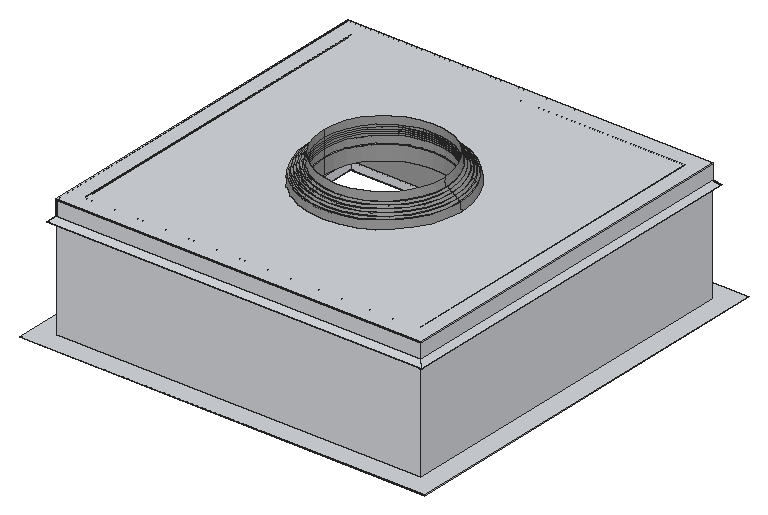
Revit family "UCC-Vertical Pipe Curb", category Mechanical Equipment, Revit 2015
Parameters
  URL = "https://unitedenertech.com/catalog/pdf/M_14%20UCC-VERTICAL%20PIPE%20CURB.pdf"
  Type Comments = "Consult Factory for Max. Sizes"
  Pipe Diameter = 1' - 0"
  Model = "UCC-Vertical Pipe Curb"
  Manufacturer = "United Enertech Corporation"
  Keynote = "Shown as Flat Roof UCC-3. Consult Factory if Other Curb Types or Sloped Option Models are Needed."
  Height (12" Standard) = 1' - 0"
  Description = "Conventional Roof Curb with Pipe Flashing (UCC-3, Flat Roof)"
  B Side O.D. = 3' - 0"
  A Side O.D. = 3' - 0"
Reference planes (in)
  plane 1 "Center (Front/Back)": y = 0
  plane 2: z = 0
  plane 3 "Center (Left/Right)": x = 0
  plane 4: x = -18
  plane 5: x = 18
  plane 6: y = -18
  plane 7: y = 18
  plane 8: x = -16.5
  plane 9: y = -16.5
  plane 10: x = 16.5
  plane 11: y = 16.5
  plane 12: x = -17.9522
  plane 13: x = -16.5478
  plane 14: x = -20
  plane 15: x = 17.9522
  plane 16: x = 16.5478
  plane 17: x = 20
  plane 18: y = -20
  plane 19: y = -17.9522
  plane 20: y = -16.5478
  plane 21: y = 20
  plane 22: y = 17.9522
  plane 23: y = 16.5478
  plane 24: z = 0.0478
  plane 25: z = 12
  plane 26: z = 10.5
  plane 27: z = 9.75
  plane 28: z = 0.7978
  plane 29: z = 10.4522
Forms (in)
  Extrusion 1, solid
    sketch origin (0, 0, 0) x (1, 0, 0) y (0, 1, 0)
      loop
        line (-20, -20) -> (20, -20) -> (20, 20) -> (-20, 20) -> (-20, -20)
      loop
        line (-16.5, -16.5) -> (16.5, -16.5) -> (16.5, 16.5) -> (-16.5, 16.5) -> (-16.5, -16.5)
    from 0 to 0.0478
  Extrusion 2, solid
    sketch origin (0, 0, 0) x (1, 0, 0) y (0, 1, 0)
      loop
        line (-16.5478, -16.5478) -> (16.5478, -16.5478) -> (16.5478, 16.5478) -> (-16.5478, 16.5478) -> (-16.5478, -16.5478)
      loop
        line (-16.5, -16.5) -> (16.5, -16.5) -> (16.5, 16.5) -> (-16.5, 16.5) -> (-16.5, -16.5)
    from 0.0478 to 0.7978
  Extrusion 3, solid
    sketch origin (0, 0, 0) x (1, 0, 0) y (0, 1, 0)
      loop
        line (-16.5478, -16.5478) -> (16.5478, -16.5478) -> (16.5478, 16.5478) -> (-16.5478, 16.5478) -> (-16.5478, -16.5478)
      loop
        line (-16.5, -16.5) -> (16.5, -16.5) -> (16.5, 16.5) -> (-16.5, 16.5) -> (-16.5, -16.5)
    from 9.75 to 10.4522
  Extrusion 4, solid
    sketch origin (0, 0, 0) x (1, 0, 0) y (0, 1, 0)
      loop
        line (-18, -18) -> (18, -18) -> (18, 18) -> (-18, 18) -> (-18, -18)
      loop
        line (-17.9522, -17.9522) -> (17.9522, -17.9522) -> (17.9522, 17.9522) -> (-17.9522, 17.9522) -> (-17.9522, -17.9522)
    from 0.0478 to 10.4522
  Extrusion 5, solid, material "Rigid insulation"
    sketch origin (0, 0, 0) x (1, 0, 0) y (0, 1, 0)
      loop
        line (-17.9522, 17.9522) -> (-17.9522, -17.9522) -> (17.9522, -17.9522) -> (17.9522, 17.9522) -> (-17.9522, 17.9522)
      loop
        line (-16.5478, -16.5478) -> (16.5478, -16.5478) -> (16.5478, 16.5478) -> (-16.5478, 16.5478) -> (-16.5478, -16.5478)
    from 0.0478 to 10.4522
  Extrusion 6, solid
    sketch origin (0, 0, 0) x (1, 0, 0) y (0, 1, 0)
      loop
        line (-18, -18) -> (18, -18) -> (18, 18) -> (-18, 18) -> (-18, -18)
      loop
        line (-16.5, -16.5) -> (16.5, -16.5) -> (16.5, 16.5) -> (-16.5, 16.5) -> (-16.5, -16.5)
    from 10.4522 to 10.5
  Extrusion 7, solid, material "Wood (Oak)"
    sketch origin (0, 0, 0) x (1, 0, 0) y (0, 1, 0)
      loop
        line (-18, -18) -> (18, -18) -> (18, 18) -> (-18, 18) -> (-18, -18)
      loop
        line (-16.5, -16.5) -> (16.5, -16.5) -> (16.5, 16.5) -> (-16.5, 16.5) -> (-16.5, -16.5)
    from 12 to 10.5
Dimensions and locks (in)
  equal spacing: plane 4, plane 3 "Center (Left/Right)", plane 5
  "A Side O.D.": plane 4 to plane 5
  equal spacing: plane 7, plane 1 "Center (Front/Back)", plane 6
  "B Side O.D.": plane 7 to plane 6
  locked: plane 9 to plane 6 at 1.5
  locked: plane 4 to plane 8 at 1.5
  locked: plane 10 to plane 5 at 1.5
  locked: plane 11 to plane 7 at 1.5
  locked: plane 14 to plane 4 at 2
  locked: plane 4 to plane 12 at 0.0478
  locked: plane 13 to plane 8 at 0.0478
  locked: plane 10 to plane 16 at 0.0478
  locked: plane 15 to plane 5 at 0.0478
  locked: plane 5 to plane 17 at 2
  locked: plane 19 to plane 6 at 0.0478
  locked: plane 20 to plane 9 at 0.0478
  locked: plane 6 to plane 18 at 2
  locked: plane 21 to plane 7 at 2
  locked: plane 11 to plane 23 at 0.0478
  locked: plane 22 to plane 7 at 0.0478
  locked: plane 24 to level at 0.0478
  locked: plane 28 to plane 24 at 0.75
  locked: plane 25 to plane 26 at 1.5
  locked: plane 26 to plane 27 at 0.75
  "Height (12" Standard)": plane 25 to level
  locked: plane 26 to plane 29 at 0.0478
  aligned and locked: level to plane 2
  aligned and locked: plane 14 to Extrusion 1 sketch curve
  aligned and locked: Extrusion 1 sketch curve to plane 21
  aligned and locked: plane 17 to Extrusion 1 sketch curve
  aligned and locked: Extrusion 1 sketch curve to plane 18
  aligned and locked: Extrusion 1 sketch curve to plane 9
  aligned and locked: Extrusion 1 sketch curve to plane 8
  aligned and locked: Extrusion 1 sketch curve to plane 11
  aligned and locked: Extrusion 1 sketch curve to plane 10
  aligned and locked: plane 24 to Extrusion 1
  aligned and locked: Extrusion 1 to level
  aligned and locked: Extrusion 2 sketch curve to plane 13
  aligned and locked: plane 23 to Extrusion 2 sketch curve
  aligned and locked: Extrusion 2 sketch curve to plane 16
  aligned and locked: plane 20 to Extrusion 2 sketch curve
  aligned and locked: Extrusion 2 sketch curve to plane 9
  aligned and locked: Extrusion 2 sketch curve to plane 10
  aligned and locked: Extrusion 2 sketch curve to plane 8
  aligned and locked: Extrusion 2 sketch curve to plane 11
  aligned and locked: Extrusion 2 to plane 24
  aligned and locked: plane 28 to Extrusion 2
  aligned and locked: plane 29 to Extrusion 3
  aligned and locked: Extrusion 3 to plane 27
  aligned and locked: plane 4 to Extrusion 4 sketch curve
  aligned and locked: plane 7 to Extrusion 4 sketch curve
  aligned and locked: plane 5 to Extrusion 4 sketch curve
  aligned and locked: Extrusion 4 sketch curve to plane 6
  aligned and locked: Extrusion 4 sketch curve to plane 19
  aligned and locked: Extrusion 4 sketch curve to plane 12
  aligned and locked: Extrusion 4 sketch curve to plane 22
  aligned and locked: Extrusion 4 sketch curve to plane 15
  aligned and locked: plane 29 to Extrusion 4
  aligned and locked: Extrusion 4 to plane 24
  aligned and locked: plane 12 to Extrusion 5 sketch curve
  aligned and locked: plane 22 to Extrusion 5 sketch curve
  aligned and locked: plane 15 to Extrusion 5 sketch curve
  aligned and locked: plane 19 to Extrusion 5 sketch curve
  aligned and locked: plane 20 to Extrusion 5 sketch curve
  aligned and locked: plane 23 to Extrusion 5 sketch curve
  aligned and locked: Extrusion 5 sketch curve to plane 13
  aligned and locked: Extrusion 5 sketch curve to plane 16
  aligned and locked: Extrusion 5 to plane 24
  aligned and locked: plane 29 to Extrusion 5
  aligned and locked: plane 7 to Extrusion 6 sketch curve
  aligned and locked: plane 4 to Extrusion 6 sketch curve
  aligned and locked: plane 5 to Extrusion 6 sketch curve
  aligned and locked: Extrusion 6 sketch curve to plane 10
  aligned and locked: Extrusion 6 sketch curve to plane 9
  aligned and locked: Extrusion 6 sketch curve to plane 6
  aligned and locked: Extrusion 6 sketch curve to plane 8
  aligned and locked: Extrusion 6 sketch curve to plane 11
  aligned and locked: plane 29 to Extrusion 6
  aligned and locked: plane 26 to Extrusion 6
  aligned and locked: plane 4 to Extrusion 7 sketch curve
  aligned and locked: plane 7 to Extrusion 7 sketch curve
  aligned and locked: plane 5 to Extrusion 7 sketch curve
  aligned and locked: Extrusion 7 sketch curve to plane 6
  aligned and locked: Extrusion 7 sketch curve to plane 9
  aligned and locked: Extrusion 7 sketch curve to plane 8
  aligned and locked: Extrusion 7 sketch curve to plane 10
  aligned and locked: Extrusion 7 sketch curve to plane 11
  aligned and locked: Extrusion 7 to plane 26
  aligned and locked: plane 25 to Extrusion 7
  aligned and locked: plane 3 "Center (Left/Right)" to nested 1
  aligned and locked: plane 1 "Center (Front/Back)" to nested 1
  aligned and locked: plane 25 to nested 1
Automatic sketch dimensions
  Extrusion 3 sketch curve to plane 13 = 0' - 0"
  Extrusion 3 sketch curve to plane 8 = 0' - 0"
  Extrusion 3 sketch curve to plane 9 = 0' - 0"
  Extrusion 3 sketch curve to plane 10 = 0' - 0"
  Extrusion 3 sketch curve to plane 16 = 0' - 0"
  plane 20 to Extrusion 3 sketch curve = 0' - 0"
  plane 11 to Extrusion 3 sketch curve = 0' - 0"
  Extrusion 3 sketch curve to plane 23 = 0' - 0"
Nested families (in)
  nested 1: "Vertical Pipe Curb Top" at (0, 0, 10.0478), type "Vertical Pipe Curb Top"
    with Radius 9 0' - 7", Radius 8 0' - 6 7/8", Radius 7 0' - 6 3/4", Radius 6 0' - 6 5/8", Radius 5 0' - 6 1/2", Radius 4 0' - 6 3/8", Radius 3 0' - 6 1/4", Radius 2 0' - 6 1/8", Radius 14 0' - 7 5/8", Radius 13 0' - 7 1/2", Radius 12 0' - 7 3/8", Radius 11 0' - 7 1/4", Radius 10 0' - 7 1/8", Radius 1 0' - 6"
Definition of nested family "Vertical Pipe Curb Top"
  Parameters (values of type "Vertical Pipe Curb Top")
    URL = ""
    Type Comments = ""
    Radius 9 [instance] = Radius 8 + 0' 0 1/8"  # 0' - 5"
    Radius 8 [instance] = Radius 7 + 0' 0 1/8"  # 0' - 4 7/8"
    Radius 7 [instance] = Radius 6 + 0' 0 1/8"  # 0' - 4 3/4"
    Radius 6 [instance] = Radius 5 + 0' 0 1/8"  # 0' - 4 5/8"
    Radius 5 [instance] = Radius 4 + 0' 0 1/8"  # 0' - 4 1/2"
    Radius 4 [instance] = Radius 3 + 0' 0 1/8"  # 0' - 4 3/8"
    Radius 3 [instance] = Radius 2 + 0' 0 1/8"  # 0' - 4 1/4"
    Radius 2 [instance] = Radius 1 + 0' 0 1/8"  # 0' - 4 1/8"
    Radius 14 [instance] = Radius 13 + 0' 0 1/8"  # 0' - 5 5/8"
    Radius 13 [instance] = Radius 12 + 0' 0 1/8"  # 0' - 5 1/2"
    Radius 12 [instance] = Radius 11 + 0' 0 1/8"  # 0' - 5 3/8"
    Radius 11 [instance] = Radius 10 + 0' 0 1/8"  # 0' - 5 1/4"
    Radius 10 [instance] = Radius 9 + 0' 0 1/8"  # 0' - 5 1/8"
    Radius 1 [instance] = Pipe Diameter / 2  # 0' - 4"
    Pipe Diameter = 0' - 8"
    Model = ""
    Manufacturer = ""
    Description = ""
    B Side Base I.D. = 3' - 0"
    A Side Base I.D. = 3' - 0"
  Reference planes (in)
    plane 1 "Center (Front/Back)": y = 0
    plane 2: z = 0
    plane 3 "Center (Left/Right)": x = 0
    plane 4: x = -18
    plane 5: x = 18
    plane 6: y = -18
    plane 7: y = 18
    plane 8: x = -18.0478
    plane 9: y = -18.0478
    plane 10: x = 18.0478
    plane 11: y = 18.0478
    plane 12: z = 2
    plane 13: z = 0.5
    plane 14: z = 1.9522
    plane 15: x = -18.5478
    plane 16: y = -18.5478
    plane 17: x = 18.5478
    plane 18: y = 18.5478
    plane 19: z = 0.4522
    plane 20: y = 19.0478
    plane 21: y = -19.0478
    plane 22: x = -19.0478
    plane 23: x = 19.0478
    plane 24: x = -16.5
    plane 25: x = 16.5
    plane 26: y = 16.5
    plane 27: y = -16.5
    plane 28: x = -4
    plane 29: x = 4
    plane 30: z = 2.75
    plane 31: z = 2.9375
    plane 32: z = 3.125
    plane 33: z = 3.3125
    plane 34: z = 3.5
    plane 35: z = 3.6875
    plane 36: z = 4.4375
  Forms (in)
    Extrusion 1, solid
      sketch origin (0, 0, 0) x (1, 0, 0) y (0, 0, 1)
        loop
          line (-18.54622, 0.00144) -> (-18, 0.5) -> (-18, 1.9522) -> (-18.0478, 1.9522) -> (-18.0478, 0.51984) -> (-18.5794, 0.03462) -> (-18.54622, 0.00144)
      from -18.5478 to 18.5478
    Extrusion 2, solid
      sketch origin (0, 0, 0) x (-1, 0, 0) y (0, 0, -1)
        loop
          line (-18.54622, -0.00144) -> (-18.5794, -0.03462) -> (-18.0478, -0.51984) -> (-18.0478, -1.9522) -> (-18, -1.9522) -> (-18, -0.5) -> (-18.54622, -0.00144)
      from -18.5478 to 18.5478
    Extrusion 3, solid
      sketch origin (0, 0, 0) x (0, 1, 0) y (0, 0, 1)
        loop
          line (-18, 1.9522) -> (-18.0478, 1.9522) -> (-18.0478, 0.51988) -> (-18.58098, 0.03462) -> (-18.5478, 0.00144) -> (-18, 0.5) -> (-18, 1.9522)
      from -18.5478 to 18.5478
    Extrusion 4, solid
      sketch origin (0, 0, 0) x (0, -1, 0) y (0, 0, -1)
        loop
          line (-18, -1.9522) -> (-18, -0.5) -> (-18.5478, -0.00144) -> (-18.58098, -0.03462) -> (-18.0478, -0.51988) -> (-18.0478, -1.9522) -> (-18, -1.9522)
      from -18.5478 to 18.5478
    Extrusion 5, void
      sketch origin (-93.15685, -31.93875, 0) x (1, 0, 0) y (0, 1, 0)
        loop
          line (106.5478, 18.5478) -> (112.20465, 12.89095) -> (112.20465, 18.5478) -> (106.5478, 18.5478)
      from -1.29054 to 3.19849
    Extrusion 6, void
      sketch origin (-125.5956, 0.5, 0) x (1, 0, 0) y (0, 1, 0)
        loop
          line (106.5478, 18.5478) -> (112.20465, 12.89095) -> (112.20465, 18.5478) -> (106.5478, 18.5478)
      from -3.18066 to 4.14355
    Extrusion 7, void
      sketch origin (-109.38054, -28.0092, 0) x (1, 0, 0) y (0, 1, 0)
        loop
          line (117.42834, 19.9614) -> (117.42834, 8.9614) -> (128.42834, 8.9614) -> (117.42834, 19.9614)
      from -1.13303 to 3.27725
    Extrusion 8, void
      sketch origin (-136.47614, -0.9136, 0) x (1, 0, 0) y (0, 1, 0)
        loop
          line (117.42834, 19.9614) -> (117.42834, 8.9614) -> (128.42834, 8.9614) -> (117.42834, 19.9614)
      from -1.68432 to 3.74977
    Extrusion 9, void
      sketch origin (-121.30312, -30.02453, 0) x (1, 0, 0) y (0, 1, 0)
        loop
          line (109.32639, 18.0478) -> (102.25532, 18.0478) -> (102.25532, 10.97673) -> (109.32639, 18.0478)
      from -1.13303 to 3.59226
    Extrusion 10, void
      sketch origin (-90.27859, 1, 0) x (1, 0, 0) y (0, 1, 0)
        loop
          line (109.32639, 18.0478) -> (102.25532, 18.0478) -> (102.25532, 10.97673) -> (109.32639, 18.0478)
      from -1.44805 to 3.51351
    Extrusion 11, void
      sketch origin (-116.53283, -32.26123, 0) x (1, 0, 0) y (0, 1, 0)
        loop
          line (105.97031, 21.69871) -> (97.48503, 13.21343) -> (105.97031, 13.21343) -> (105.97031, 21.69871)
      from -1.3693 to 3.82853
    Extrusion 12, void
      sketch origin (-86.92251, -2.65091, 0) x (1, 0, 0) y (0, 1, 0)
        loop
          line (105.97031, 21.69871) -> (97.48503, 13.21343) -> (105.97031, 13.21343) -> (105.97031, 21.69871)
      from -0.97552 to 3.04098
    Extrusion 13, solid
      sketch origin (0, 0, 0) x (1, 0, 0) y (0, 1, 0)
        loop
          line (-16.5, -16.5) -> (16.5, -16.5) -> (16.5, 16.5) -> (-16.5, 16.5) -> (-16.5, -16.5)
      from 0.4522 to 1.9522
    Extrusion 14, solid
      sketch origin (0, 0, 0) x (1, 0, 0) y (0, 1, 0)
        loop
          line (-18.0478, -18.0478) -> (18.0478, -18.0478) -> (18.0478, 18.0478) -> (-18.0478, 18.0478) -> (-18.0478, -18.0478)
      from 1.9522 to 2
    Extrusion 15, void
      sketch origin (0, 0, 0) x (1, 0, 0) y (0, 1, 0)
        loop
          circle (0, 0) r 4
      from -0.65796 to 52.61496
    Blend 16, solid
      base sketch origin (0, 0, 0) x (1, 0, 0) y (0, 1, 0)
        loop
          circle (0, 0) r 5.625
      top sketch origin (0, 0, 0) x (1, 0, 0) y (0, 1, 0)
        loop
          circle (0, 0) r 5.5
      from 2 to 2.75
    Blend 17, solid
      base sketch origin (0, 0, 0) x (1, 0, 0) y (0, 1, 0)
        loop
          circle (0, 0) r 5.375
      top sketch origin (0, 0, 0) x (1, 0, 0) y (0, 1, 0)
        loop
          circle (0, 0) r 5.25
      from 2.75 to 2.9375
    Blend 18, solid
      base sketch origin (0, 0, 0) x (1, 0, 0) y (0, 1, 0)
        loop
          circle (0, 0) r 5.125
      top sketch origin (0, 0, 0) x (1, 0, 0) y (0, 1, 0)
        loop
          circle (0, 0) r 5
      from 2.9375 to 3.125
    Blend 19, solid
      base sketch origin (0, 0, 0) x (1, 0, 0) y (0, 1, 0)
        loop
          circle (0, 0) r 4.875
      top sketch origin (0, 0, 0) x (1, 0, 0) y (0, 1, 0)
        loop
          circle (0, 0) r 4.75
      from 3.125 to 3.3125
    Blend 20, solid
      base sketch origin (0, 0, 0) x (1, 0, 0) y (0, 1, 0)
        loop
          circle (0, 0) r 4.625
      top sketch origin (0, 0, 0) x (1, 0, 0) y (0, 1, 0)
        loop
          circle (0, 0) r 4.5
      from 3.3125 to 3.5
    Blend 21, solid
      base sketch origin (0, 0, 0) x (1, 0, 0) y (0, 1, 0)
        loop
          circle (0, 0) r 4.375
      top sketch origin (0, 0, 0) x (1, 0, 0) y (0, 1, 0)
        loop
          circle (0, 0) r 4.25
      from 3.5 to 3.6875
    Blend 22, solid
      base sketch origin (0, 0, 0) x (1, 0, 0) y (0, 1, 0)
        loop
          circle (0, 0) r 4.125
      top sketch origin (0, 0, 0) x (1, 0, 0) y (0, 1, 0)
        loop
          circle (0, 0) r 4
      from 3.6875 to 4.4375
  Cuts and joins
    Extrusion 6, Extrusion 11 cuts Extrusion 1
    Extrusion 5, Extrusion 9 cuts Extrusion 3
    Extrusion 8, Extrusion 12 cuts Extrusion 4
    Extrusion 7, Extrusion 10 cuts Extrusion 2
    Extrusion 15 cuts Extrusion 13
    Extrusion 15 cuts Extrusion 14
    Extrusion 15 cuts Blend 16
    Extrusion 15 cuts Blend 17
    Extrusion 15 cuts Blend 18
    Extrusion 15 cuts Blend 19
    Extrusion 15 cuts Blend 20
    Extrusion 15 cuts Blend 21
    Extrusion 15 cuts Blend 22
  Dimensions and locks (in)
    equal spacing: plane 4, plane 3 "Center (Left/Right)", plane 5
    "A Side Base I.D.": plane 4 to plane 5
    equal spacing: plane 7, plane 1 "Center (Front/Back)", plane 6
    "B Side Base I.D.": plane 7 to plane 6
    locked: plane 6 to plane 9 at 0.0478
    locked: plane 11 to plane 7 at 0.0478
    locked: plane 8 to plane 4 at 0.0478
    locked: plane 5 to plane 10 at 0.0478
    locked: plane 12 to level at 2
    locked: plane 13 to level at 0.5
    locked: plane 12 to plane 14 at 0.0478
    locked: plane 9 to plane 16 at 0.5
    locked: plane 15 to plane 8 at 0.5
    locked: plane 11 to plane 18 at 0.5
    locked: plane 10 to plane 17 at 0.5
    locked: plane 18 to plane 20 at 0.5
    locked: plane 21 to plane 16 at 0.5
    locked: plane 22 to plane 15 at 0.5
    locked: plane 17 to plane 23 at 0.5
    locked: plane 4 to plane 24 at 1.5
    locked: plane 25 to plane 5 at 1.5
    locked: plane 7 to plane 26 at 1.5
    locked: plane 6 to plane 27 at 1.5
    locked: plane 14 to plane 19 at 1.5
    equal spacing: plane 28, plane 3 "Center (Left/Right)", plane 29
    "Pipe Diameter": plane 28 to plane 29
    locked: plane 30 to plane 12 at 0.75
    locked: plane 31 to plane 30 at 0.1875
    locked: plane 32 to plane 31 at 0.1875
    locked: plane 33 to plane 32 at 0.1875
    locked: plane 34 to plane 33 at 0.1875
    locked: plane 35 to plane 34 at 0.1875
    locked: plane 36 to plane 35 at 0.75
    "Radius 1": radius of Extrusion 15 sketch curve
    "Radius 14": radius of Blend 16 sketch curve
    "Radius 13": radius of Blend 16 sketch curve
    "Radius 12": radius of Blend 17 sketch curve
    "Radius 11": radius of Blend 17 sketch curve
    "Radius 10": radius of Blend 18 sketch curve
    "Radius 9": radius of Blend 18 sketch curve
    "Radius 8": radius of Blend 19 sketch curve
    "Radius 7": radius of Blend 19 sketch curve
    "Radius 6": radius of Blend 20 sketch curve
    "Radius 5": radius of Blend 20 sketch curve
    "Radius 4": radius of Blend 21 sketch curve
    "Radius 3": radius of Blend 21 sketch curve
    "Radius 2": radius of Blend 22 sketch curve
    "Radius 1": radius of Blend 22 sketch curve
    locked: Extrusion 5 sketch curve to Extrusion 5 sketch curve (angle 45.00°)  (x2)
    locked: Extrusion 6 sketch curve to Extrusion 6 sketch curve (angle 45.00°)  (x2)
    locked: Extrusion 7 sketch curve to Extrusion 7 sketch curve (angle 45.00°)  (x2)
    locked: Extrusion 8 sketch curve to Extrusion 8 sketch curve (angle 45.00°)  (x2)
    locked: Extrusion 9 sketch curve to Extrusion 9 sketch curve (angle 45.00°)  (x2)
    locked: Extrusion 10 sketch curve to Extrusion 10 sketch curve (angle 45.00°)  (x2)
    locked: Extrusion 11 sketch curve to Extrusion 11 sketch curve (angle 45.00°)  (x2)
    locked: Extrusion 12 sketch curve to Extrusion 12 sketch curve (angle 45.00°)  (x2)
    aligned and locked: level to plane 2
    aligned and locked: plane 4 to Extrusion 1 sketch curve
    aligned and locked: Extrusion 1 sketch curve to plane 8
    aligned and locked: plane 14 to Extrusion 1 sketch curve
    aligned and locked: plane 13 to Extrusion 1 sketch curve
    aligned and locked: Extrusion 2 sketch curve to plane 14
    aligned and locked: plane 5 to Extrusion 2 sketch curve
    aligned and locked: plane 10 to Extrusion 2 sketch curve
    aligned and locked: plane 13 to Extrusion 2 sketch curve
    aligned and locked: Extrusion 1 to plane 18
    aligned and locked: Extrusion 1 to plane 16
    aligned and locked: Extrusion 2 to plane 16
    aligned and locked: Extrusion 2 to plane 18
    aligned and locked: plane 16 to Extrusion 3 sketch curve
    aligned and locked: plane 6 to Extrusion 3 sketch curve  (x2)
    aligned and locked: plane 13 to Extrusion 3 sketch curve
    aligned and locked: plane 9 to Extrusion 3 sketch curve
    aligned and locked: Extrusion 3 sketch curve to plane 14
    aligned and locked: Extrusion 4 sketch curve to plane 11
    aligned and locked: plane 7 to Extrusion 4 sketch curve
    aligned and locked: plane 14 to Extrusion 4 sketch curve
    aligned and locked: plane 13 to Extrusion 4 sketch curve
    aligned and locked: plane 18 to Extrusion 4 sketch curve
    aligned and locked: Extrusion 3 to plane 15
    aligned and locked: Extrusion 3 to plane 17
    aligned and locked: Extrusion 4 to plane 17
    aligned and locked: Extrusion 4 to plane 15
    aligned and locked: plane 22 to Extrusion 6 sketch curve
    aligned and locked: plane 20 to Extrusion 6 sketch curve
    aligned and locked: plane 21 to Extrusion 5 sketch curve
    aligned and locked: plane 23 to Extrusion 5 sketch curve
    aligned and locked: plane 20 to Extrusion 8 sketch curve
    aligned and locked: plane 22 to Extrusion 8 sketch curve
    aligned and locked: plane 21 to Extrusion 7 sketch curve
    aligned and locked: plane 23 to Extrusion 7 sketch curve
    aligned and locked: plane 23 to Extrusion 10 sketch curve
    aligned and locked: plane 20 to Extrusion 10 sketch curve
    aligned and locked: plane 21 to Extrusion 9 sketch curve
    aligned and locked: Extrusion 9 sketch curve to plane 22
    aligned and locked: plane 20 to Extrusion 12 sketch curve
    aligned and locked: plane 23 to Extrusion 12 sketch curve
    aligned and locked: Extrusion 11 sketch curve to plane 22
    aligned and locked: plane 21 to Extrusion 11 sketch curve
    aligned and locked: Extrusion 13 to plane 19
    aligned and locked: plane 14 to Extrusion 13
    aligned and locked: Extrusion 14 sketch curve to plane 8
    aligned and locked: Extrusion 14 sketch curve to plane 11
    aligned and locked: Extrusion 14 sketch curve to plane 9
    aligned and locked: Extrusion 14 sketch curve to plane 10
    aligned and locked: Extrusion 14 to plane 14
    aligned and locked: plane 12 to Extrusion 14
    aligned and locked: Extrusion 13 sketch curve to plane 24
    aligned and locked: plane 26 to Extrusion 13 sketch curve
    aligned and locked: Extrusion 13 sketch curve to plane 25
    aligned and locked: plane 27 to Extrusion 13 sketch curve
    aligned and locked: Blend 16 to plane 12
    aligned and locked: plane 30 to Blend 16
    aligned and locked: Blend 17 to plane 30
    aligned and locked: Blend 17 to plane 31
    aligned and locked: Blend 18 to plane 31
    aligned and locked: Blend 18 to plane 32
    aligned and locked: Blend 19 to plane 32
    aligned and locked: Blend 20 to plane 34
    aligned and locked: Blend 20 to plane 33
    aligned and locked: Blend 21 to plane 34
    aligned and locked: Blend 21 to plane 35
    aligned and locked: plane 36 to Blend 22
    aligned and locked: Blend 22 to plane 35
  Automatic sketch dimensions
    plane 15 to Extrusion 1 sketch curve = 0' - 0.00158"
    Extrusion 1 sketch curve to plane 15 = 0' - 0.0316"
    level to Extrusion 1 sketch curve = 0' - 0.03462"
    level to Extrusion 1 sketch curve = 0' - 0.00144"
    plane 13 to Extrusion 1 sketch curve = 0' - 0.01984"
    Extrusion 2 sketch curve to plane 17 = 0' - 0.00158"
    plane 17 to Extrusion 2 sketch curve = 0' - 0.0316"
    Extrusion 2 sketch curve to level = 0' - 0.03462"
    Extrusion 2 sketch curve to level = 0' - 0.00144"
    Extrusion 2 sketch curve to plane 13 = 0' - 0.01984"
    Extrusion 3 sketch curve to plane 16 = 0' - 0.03318"
    level to Extrusion 3 sketch curve = 0' - 0.03462"
    level to Extrusion 3 sketch curve = 0' - 0.00144"
    plane 13 to Extrusion 3 sketch curve = 0' - 0.01988"
    plane 18 to Extrusion 4 sketch curve = 0' - 0.03318"
    Extrusion 4 sketch curve to level = 0' - 0.03462"
    Extrusion 4 sketch curve to level = 0' - 0.00144"
    Extrusion 4 sketch curve to plane 13 = 0' - 0.01988"
    Extrusion 5 sketch curve to plane 5 = 0' - 4.60905"
    plane 4 to Extrusion 6 sketch curve = 0' - 4.60905"
    plane 1 "Center (Front/Back)" to Extrusion 7 sketch curve = 0' - 8.0478"
    Extrusion 8 sketch curve to plane 1 "Center (Front/Back)" = 0' - 8.0478"
    plane 4 to Extrusion 9 sketch curve = 0' - 6.02327"
    Extrusion 10 sketch curve to plane 5 = 0' - 6.02327"
    Extrusion 11 sketch curve to Extrusion 11 sketch curve = 0' - 8.48528"
    Extrusion 12 sketch curve to plane 7 = 0' - 7 7/16"
    plane 1 "Center (Front/Back)" to Extrusion 15 sketch curve = 0' - 0"
    Extrusion 15 sketch curve to plane 3 "Center (Left/Right)" = 0' - 0"
    plane 1 "Center (Front/Back)" to Blend 16 sketch curve = 0' - 0"  (x2)
    Blend 16 sketch curve to plane 3 "Center (Left/Right)" = 0' - 0"  (x2)
    plane 1 "Center (Front/Back)" to Blend 17 sketch curve = 0' - 0"  (x2)
    Blend 17 sketch curve to plane 3 "Center (Left/Right)" = 0' - 0"  (x2)
    plane 1 "Center (Front/Back)" to Blend 18 sketch curve = 0' - 0"  (x2)
    Blend 18 sketch curve to plane 3 "Center (Left/Right)" = 0' - 0"  (x2)
    plane 1 "Center (Front/Back)" to Blend 19 sketch curve = 0' - 0"  (x2)
    Blend 19 sketch curve to plane 3 "Center (Left/Right)" = 0' - 0"  (x2)
    plane 1 "Center (Front/Back)" to Blend 20 sketch curve = 0' - 0"  (x2)
    Blend 20 sketch curve to plane 3 "Center (Left/Right)" = 0' - 0"  (x2)
    plane 1 "Center (Front/Back)" to Blend 21 sketch curve = 0' - 0"  (x2)
    Blend 21 sketch curve to plane 3 "Center (Left/Right)" = 0' - 0"  (x2)
    plane 1 "Center (Front/Back)" to Blend 22 sketch curve = 0' - 0"  (x2)
    Blend 22 sketch curve to plane 3 "Center (Left/Right)" = 0' - 0"  (x2)
